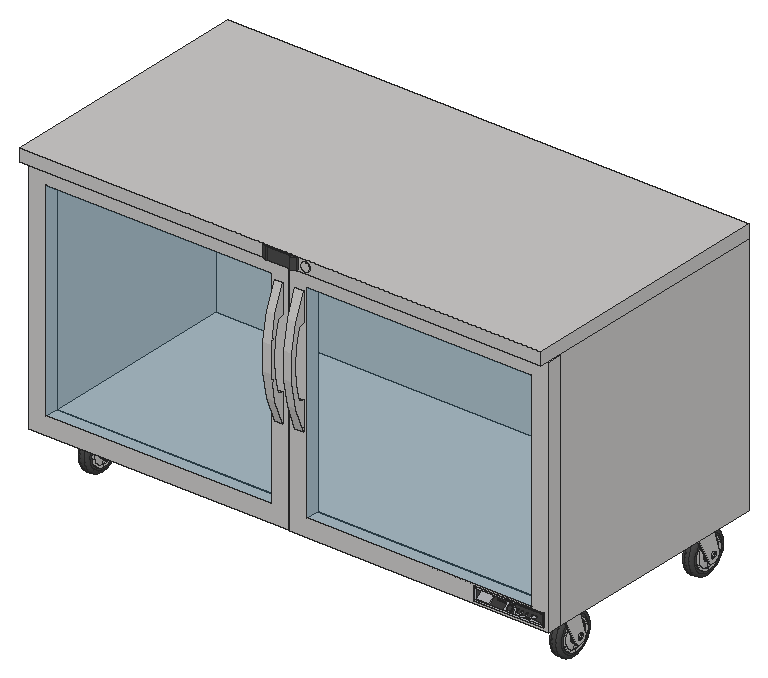
Revit family "QF_TRUE_TUC-60G-HC~FGD01", category Specialty Equipment, Revit 2015 (continued)
Definition of nested family "Caster-Legs"
  Definition of nested family "2.13"
    Forms (in)
      Revolve 1, solid, visible <- "2.5 Inches Caster"
        sketch origin (-1.93794, 0.83816, -1.0041) x (1, 0, 0) y (0, 0, 1)
          loop
            line (0.74055, 1.76972) -> (0.74055, 1.69422) -> (0.79055, 1.64422) -> (0.85055, 1.64422) -> (0.85055, 1.52415) -> (1.235, 1.52415) -> (1.235, 1.4568) -> (1.38673, 1.3692) -> (1.4003, 1.28535) -> (1.34375, 1.28535) -> (1.34375, 1.16035) -> (1.375, 1.16035) -> (1.375, 1.0041) -> (1.87544, 1.0041) -> (1.87544, 1.52415) -> (2.00044, 1.52415) -> (2.00044, 1.0041) -> (2.48438, 1.0041) -> (2.48438, 1.16035) -> (2.51563, 1.16035) -> (2.51563, 1.28535) -> (2.45908, 1.28535) -> (2.47322, 1.37272) -> (2.62438, 1.45999) -> (2.62438, 1.52415) -> (3.04007, 1.52415) -> (3.04007, 1.64422) -> (3.10007, 1.64422) -> (3.15007, 1.69422) -> (3.15007, 1.76972) -> (0.74055, 1.76972)
          axis (0.74055, 1.76972) -> (3.15007, 1.76972)
        angle from 0 to 360
      Extrusion 2, solid, visible <- "2.5 Inches Caster"
        sketch origin (-1.93794, 1.80294, -3.6291) x (0, 1, 0) y (0, 0, 1)
          loop
            line (-0.64294, 5.43229) -> (-0.64294, 5.55298) -> (-2.21294, 5.55298) -> (-2.21294, 5.30272) -> (-1.81966, 5.30272)
            arc (-1.81966, 5.30272) -> (-1.13638, 5.20789) -> (-0.46376, 5.05475) r 8.02767
            arc (-0.46376, 5.05475) -> (-0.19511, 4.95469) -> (0.05138, 4.80832) r 1.60049
            line (0.05138, 4.80832) -> (0.12713, 4.91318)
            arc (0.12713, 4.91318) -> (-0.07255, 5.06376) -> (-0.29048, 5.18644) r 1.8753
            line (-0.29048, 5.18644) -> (-0.22239, 5.30423)
            arc (-0.22239, 5.30423) -> (-0.42776, 5.38437) -> (-0.64294, 5.43229) r 1.44292
        from 1.17357 to 2.70231
      Revolve 3, solid, visible <- "2.5 Inches Caster"
        sketch origin (0, 2.10856, -4.125) x (0, 1, 0) y (0, 0, 1)
          loop
            line (-1.73858, 6.25) -> (-1.73858, 6.04889) -> (-1.05793, 6.04889) -> (-1.05793, 6.25) -> (-1.73858, 6.25)
          axis (-1.73858, 6.04889) -> (-1.73858, 6.25)
        angle from 0 to 360
      Extrusion 4, solid, visible <- "2.5 Inches Caster"
        sketch origin (-1.98481, 1.80294, -2.1291) x (0, 1, 0) y (0, 0, 1)
          loop
            line (-2.21294, 4.05298) -> (-2.21294, 3.80272) -> (-2.13999, 3.80272)
            arc (-2.13999, 3.80272) -> (-1.62379, 3.51899) -> (-1.39241, 2.97729) r 0.90292
            arc (-1.39241, 2.97729) -> (-1.36136, 2.78161) -> (-1.29729, 2.59413) r 1.15385
            arc (-1.29729, 2.59413) -> (-0.94802, 2.37355) -> (-0.6121, 2.61396) r 0.37001
            arc (-0.6121, 2.61396) -> (-0.59625, 2.66241) -> (-0.58446, 2.712) r 0.61695
            arc (-0.58446, 2.712) -> (-0.36134, 3.11665) -> (0.05609, 3.31484) r 0.75313
            line (0.05609, 3.31484) -> (0.12713, 3.41318)
            arc (0.12713, 3.41318) -> (-0.07255, 3.56376) -> (-0.29048, 3.68644) r 1.8753
            line (-0.29048, 3.68644) -> (-0.22239, 3.80423)
            arc (-0.22239, 3.80423) -> (-0.42776, 3.88437) -> (-0.64294, 3.93229) r 1.44292
            line (-0.64294, 3.93229) -> (-0.64294, 4.05298) -> (-2.21294, 4.05298)
        from 2.74918 to 2.90825
      Extrusion 5, solid, visible <- "2.5 Inches Caster"
        sketch origin (1.98481, 1.80294, -2.1291) x (0, 1, 0) y (0, 0, -1)
          loop
            line (-2.21294, -4.05298) -> (-0.64294, -4.05298) -> (-0.64294, -3.93229)
            arc (-0.64294, -3.93229) -> (-0.42776, -3.88437) -> (-0.22239, -3.80423) r 1.44292
            line (-0.22239, -3.80423) -> (-0.29048, -3.68644)
            arc (-0.29048, -3.68644) -> (-0.07255, -3.56376) -> (0.12713, -3.41318) r 1.8753
            line (0.12713, -3.41318) -> (0.05609, -3.31484)
            arc (0.05609, -3.31484) -> (-0.36134, -3.11665) -> (-0.58446, -2.712) r 0.75313
            arc (-0.58446, -2.712) -> (-0.59625, -2.66241) -> (-0.6121, -2.61396) r 0.61695
            arc (-0.6121, -2.61396) -> (-0.94802, -2.37355) -> (-1.29729, -2.59413) r 0.37001
            arc (-1.29729, -2.59413) -> (-1.36136, -2.78161) -> (-1.39241, -2.97729) r 1.15385
            arc (-1.39241, -2.97729) -> (-1.62379, -3.51899) -> (-2.13999, -3.80272) r 0.90292
            line (-2.13999, -3.80272) -> (-2.21294, -3.80272) -> (-2.21294, -4.05298)
        from 2.74918 to 2.90825
    Lines and regions (in)
      symbolic lines, visible <- "2.5 Inches Caster"
        curve 1: line (0.10651, 1.27186, 0) -> (0.80944, 0.86603, 0)
        curve 2: line (-0.89349, -0.46019, 0) -> (0.10651, 1.27186, 0)
        curve 3: line (-0.19056, -0.86603, 0) -> (-0.89349, -0.46019, 0)
        curve 4: line (0.80944, 0.86603, 0) -> (-0.19056, -0.86603, 0)
    Dimensions and locks (in)
      plane 4 "TOP" to level = 2 1/8"  (x2)
      aligned and locked: level to plane 1
  Definition of nested family "C4"
    Parameters
      Weight = ""
      URL Manufacturer = ""
      URL Cutsheet = ""
      URL = ""
      Type Mark [instance] = ""
      Specification by User [instance] = ""
      Specification by Manufacturer = ""
      Show 4 Inches Casters [instance] = yes
      Serial Number = ""
      Seismic Rating = ""
      SMACNA No = ""
      Revision Code [instance] = ""
      Omniclass Number and Title = ""
      NAFEM Spec ID Number = ""
      Model = ""
      MasterSpec. = ""
      Manufacturer = ""
      Item Number [instance] = ""
      Installed By [instance] = ""
      Identify Quantity as Lot [instance] = yes
      Furnished By [instance] = ""
      Foodservice Equipment Identifier [instance] = yes
      Description = ""
      CSI MasterFormat = ""
      CSI Master Format = ""
      Assembly Code = ""
    Reference planes (in)
      plane 1: z = 0
      plane 2 "RIGHT": x = 0
      plane 3 "FRONT": y = 0
      plane 4 "TOP": z = 4
    Forms (in)
      Revolve 1, solid, visible <- "Show 4 Inches Casters"
        sketch origin (-1.93794, 0.83816, -1.0041) x (1, 0, 0) y (0, 0, 1)
          loop
            line (0.74055, 2.5041) -> (3.15007, 2.5041) -> (3.15007, 2.5796) -> (3.10007, 2.6296) -> (3.04007, 2.6296) -> (3.04007, 2.74967) -> (2.62438, 2.74967) -> (2.62438, 2.93884) -> (2.48438, 3.01967) -> (2.45908, 3.17597) -> (2.51563, 3.17597) -> (2.51563, 3.41035) -> (2.48438, 3.41035) -> (2.48438, 4.0041) -> (1.375, 4.0041) -> (1.375, 3.41035) -> (1.34375, 3.41035) -> (1.34375, 3.17597) -> (1.4003, 3.17597) -> (1.37557, 3.02318) -> (1.235, 2.94202) -> (1.235, 2.74967) -> (0.85055, 2.74967) -> (0.85055, 2.6296) -> (0.79055, 2.6296) -> (0.74055, 2.5796) -> (0.74055, 2.5041)
          axis (0.74055, 2.5041) -> (3.15007, 2.5041)
        angle from 0 to 360
      Extrusion 2, solid, visible <- "Show 4 Inches Casters"
        sketch origin (-1.93794, 1.80294, -1.7541) x (0, 1, 0) y (0, 0, 1)
          loop
            line (-3.08794, 5.33423) -> (-3.08794, 5.00584) -> (-2.69466, 5.00584)
            arc (-2.69466, 5.00584) -> (-1.57175, 4.94895) -> (-0.46376, 4.75787) r 9.36411
            arc (-0.46376, 4.75787) -> (-0.05889, 4.58436) -> (0.28335, 4.30705) r 1.60049
            line (0.28335, 4.30705) -> (0.34449, 4.39437)
            arc (0.34449, 4.39437) -> (0.12713, 4.6163) -> (-0.1239, 4.79931) r 1.8753
            line (-0.1239, 4.79931) -> (-0.05749, 4.91421)
            arc (-0.05749, 4.91421) -> (-0.33807, 5.05694) -> (-0.64294, 5.13542) r 1.44292
            line (-0.64294, 5.13542) -> (-0.64294, 5.33423) -> (-3.08794, 5.33423)
        from 1.1267 to 2.74918
      Revolve 3, solid, visible <- "Show 4 Inches Casters"
        sketch origin (0, 2.15543, -2.25) x (0, 1, 0) y (0, 0, 1)
          loop
            line (-2.21793, 6.25) -> (-2.21793, 5.83014) -> (-1.05793, 5.83014) -> (-1.05793, 6.25) -> (-2.21793, 6.25)
          axis (-2.21793, 5.83014) -> (-2.21793, 6.25)
        angle from 0 to 360
      Extrusion 4, solid, visible <- "Show 4 Inches Casters"
        sketch origin (-1.93794, 1.80294, -1.7541) x (0, 1, 0) y (0, 0, 1)
          loop
            line (-3.08794, 5.33423) -> (-3.08794, 5.00584) -> (-2.8913, 5.00584)
            arc (-2.8913, 5.00584) -> (-2.09118, 4.14057) -> (-1.45681, 3.14736) r 6.63355
            arc (-1.45681, 3.14736) -> (-0.85703, 2.75969) -> (-0.4561, 3.35069) r 0.5107
            arc (-0.4561, 3.35069) -> (-0.27092, 3.92503) -> (0.24034, 4.24562) r 0.88136
            line (0.24034, 4.24562) -> (0.34449, 4.39437)
            arc (0.34449, 4.39437) -> (0.12713, 4.6163) -> (-0.1239, 4.79931) r 1.8753
            line (-0.1239, 4.79931) -> (-0.05749, 4.91421)
            arc (-0.05749, 4.91421) -> (-0.33807, 5.05694) -> (-0.64294, 5.13542) r 1.44292
            line (-0.64294, 5.13542) -> (-0.64294, 5.33423) -> (-3.08794, 5.33423)
        from 2.74918 to 2.90825
      Extrusion 5, solid, visible <- "Show 4 Inches Casters"
        sketch origin (1.93794, 1.80294, -1.7541) x (0, 1, 0) y (0, 0, -1)
          loop
            line (-3.08794, -5.33423) -> (-0.64294, -5.33423) -> (-0.64294, -5.13542)
            arc (-0.64294, -5.13542) -> (-0.33807, -5.05694) -> (-0.05749, -4.91421) r 1.44292
            line (-0.05749, -4.91421) -> (-0.1239, -4.79931)
            arc (-0.1239, -4.79931) -> (0.12713, -4.6163) -> (0.34449, -4.39437) r 1.8753
            line (0.34449, -4.39437) -> (0.24034, -4.24562)
            arc (0.24034, -4.24562) -> (-0.27092, -3.92503) -> (-0.4561, -3.35069) r 0.88136
            arc (-0.4561, -3.35069) -> (-0.85703, -2.75969) -> (-1.45681, -3.14736) r 0.5107
            arc (-1.45681, -3.14736) -> (-2.09118, -4.14057) -> (-2.8913, -5.00584) r 6.63355
            line (-2.8913, -5.00584) -> (-3.08794, -5.00584) -> (-3.08794, -5.33423)
        from 2.74918 to 2.90825
    Cuts and joins
      joined: Extrusion 2, Extrusion 4, Extrusion 5
    Lines and regions (in)
      symbolic lines, visible <- "Show 4 Inches Casters"
        curve 1: line (0.28481, 1.83041, 0) -> (1.24556, 1.27572, 0)
        curve 2: line (-1.26206, -0.84886, 0) -> (0.28481, 1.83041, 0)
        curve 3: line (-0.30132, -1.40355, 0) -> (-1.26206, -0.84886, 0)
        curve 4: line (1.24556, 1.27572, 0) -> (-0.30132, -1.40355, 0)
    Dimensions and locks (in)
      plane 4 "TOP" to level = 4"  (x2)
      aligned and locked: level to plane 1
  Definition of nested family "6 Inches Leg & Caster"
    Parameters
      Weight = ""
      URL Manufacturer = ""
      URL Cutsheet = ""
      URL = ""
      Type Mark [instance] = ""
      Status [instance] = ""
      Specification by User [instance] = ""
      Specification by Manufacturer = ""
      Show Casters [instance] = yes
      Serial Number = ""
      Seismic Rating = ""
      SMACNA No = ""
      Revision Code [instance] = ""
      Omniclass Number and Title = ""
      NAFEM Spec ID Number = ""
      Model = ""
      MasterSpec. = ""
      Manufacturer = ""
      Item Number [instance] = ""
      Installed By [instance] = ""
      Identify Quantity as Lot [instance] = yes
      Furnished By [instance] = ""
      Foodservice Equipment Identifier [instance] = yes
      Description = ""
      CSI MasterFormat = ""
      CSI Master Format = ""
    Reference planes (in)
      plane 1 "BACK": y = 0
      plane 2: z = 0
      plane 3 "LEFT": x = 0
      plane 4 "RIGHT": x = 0
      plane 5 "FRONT": y = 0
      plane 6 "TOP": z = 6.25
    Forms (in)
      Revolve 1, solid, visible <- "Show Casters"
        sketch origin (-2.21793, 0, -0.25) x (-1, 0, 0) y (0, 0, 1)
          loop
            line (-2.21793, 6) -> (-2.21793, 5.55584) -> (-0.93693, 5.55584) -> (-0.93693, 6) -> (-2.21793, 6)
          axis (-2.21793, 5.55584) -> (-2.21793, 6)
        angle from 0 to 360
      Extrusion 2, solid, visible <- "Show Casters"
        sketch origin (0.25594, 2.21793, -0.1875) x (0, 1, 0) y (0, 0, 1)
          loop
            line (-3.37793, 5.49334) -> (-3.37793, 5.24334) -> (-1.63015, 2.08504)
            arc (-1.63015, 2.08504) -> (-0.63555, 1.74359) -> (-0.1951, 2.69848) r 0.78437
            line (-0.1951, 2.69848) -> (-1.06726, 5.49334) -> (-3.37793, 5.49334)
        from 0.78968 to 0.90247
      Extrusion 3, solid, visible <- "Show Casters"
        sketch origin (0, 0, 5.75) x (0, 1, 0) y (-1, 0, 0)
          loop
            circle (0, 0) r 0.75
        from 0 to 0.5
      Extrusion 4, solid, visible <- "Show Casters"
        sketch origin (-0.25594, 2.21793, -0.1875) x (0, 1, 0) y (0, 0, -1)
          loop
            line (-3.37793, -5.49334) -> (-1.06726, -5.49334) -> (-0.1951, -2.69848)
            arc (-0.1951, -2.69848) -> (-0.63555, -1.74359) -> (-1.63015, -2.08504) r 0.78437
            line (-1.63015, -2.08504) -> (-3.37793, -5.24334) -> (-3.37793, -5.49334)
        from 0.78968 to 0.90247
      Extrusion 5, solid, visible <- "Show Casters"
        sketch origin (0, 0, 0.75) x (0, 1, 0) y (0, 0, 1)
          loop
            line (-1.16, 4.55584) -> (-1.16, 4.30584) -> (1.15067, 4.30584) -> (1.15067, 4.55584) -> (-1.16, 4.55584)
        from -1.04562 to 1.04562
      Revolve 6, solid, visible <- "Show Casters"
        sketch origin (-1.9375, 1.23015, -0.12802) x (1, 0, 0) y (0, 0, 1)
          loop
            line (0.5843, 2.5041) -> (0.5843, 2.3661) -> (0.6343, 2.3161) -> (0.6943, 2.3161) -> (0.6943, 2.1804) -> (1.1725, 2.1804) -> (1.1725, 1.78493) -> (1.31307, 1.70377) -> (1.42647, 1.00302) -> (1.28125, 1.00302) -> (1.28125, 0.75302) -> (1.3125, 0.75302) -> (1.3125, 0.50302)
            arc (1.3125, 0.50302) -> (1.42233, 0.23785) -> (1.6875, 0.12802) r 0.375
            line (1.6875, 0.12802) -> (2.1875, 0.12802)
            arc (2.1875, 0.12802) -> (2.45267, 0.23785) -> (2.5625, 0.50302) r 0.375
            line (2.5625, 0.50302) -> (2.5625, 0.75302) -> (2.59375, 0.75302) -> (2.59375, 1.00302) -> (2.44853, 1.00302) -> (2.5625, 1.70728) -> (2.7025, 1.78811) -> (2.7025, 2.1804) -> (3.1807, 2.1804) -> (3.1807, 2.3161) -> (3.2407, 2.3161) -> (3.2907, 2.3661) -> (3.2907, 2.5041) -> (0.5843, 2.5041)
          axis (0.5843, 2.5041) -> (3.2907, 2.5041)
        angle from 0 to 360
    Cuts and joins
      joined: Extrusion 2, Extrusion 4, Extrusion 5
    Lines and regions (in)
      symbolic lines, visible <- "Show Casters"
        curve 1: line (0.46086, 2.04455, 0) -> (1.54339, 1.41955, 0)
        curve 2: line (-1.53914, -1.41955, 0) -> (0.46086, 2.04455, 0)
        curve 3: line (-0.45661, -2.04455, 0) -> (-1.53914, -1.41955, 0)
        curve 4: line (1.54339, 1.41955, 0) -> (-0.45661, -2.04455, 0)
    Dimensions and locks (in)
      plane 6 "TOP" to level = 6 1/4"  (x2)
      aligned and locked: level to plane 2
